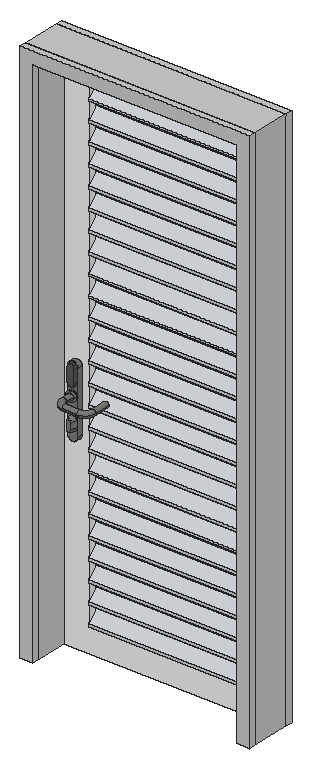
Revit family "RYN_DOR_Swing_1Panel_In.ALV_Fr.AL", category Doors, host Wall, Revit 2025
Family settings
  Host = Wall
  OmniClass Number = 23.30.10.00
  OmniClass Title = Doors
  Always vertical = Yes
  Cut with Voids When Loaded = No
  Shared = No
  Room Calculation Point = No
Parameters (values of type "W900 X H2150 mm")
  Visual Light Transmittance = 0
  Type Comments = "RYN_DOR_Swing_1Panel_In.ALV_Fr.AL"
  Thickness = 0.00 mm
  Thermal Resistance (R) = 0.270117 (m²·K)/W
  Solar Heat Gain Coefficient = 0
  RYN_Material_DoorLeaf = RYN_MAT_DoorPanel_Louver_Aluminium
  RYN_Material_DoorFrame = Door - Frame - ALUM
  RYN_Door_Width = 900.00 mm
  RYN_Door_TrimProjection.In = 25.00 mm
  RYN_Door_TrimProjection = 25.00 mm
  RYN_Door_PanelWidth = RYN_Door_Width - 2 * RYN_Door_FrameDepth  # 800.00 mm
  RYN_Door_PanelThickness = 25.00 mm
  RYN_Door_PanelHeight = RYN_Door_Height - RYN_Door_FrameDepth  # 2100.00 mm
  RYN_Door_Name = ""
  RYN_Door_Height = 2150.00 mm
  RYN_Door_HandleOffset = 50.00 mm
  RYN_Door_HandleHeight = 900.00 mm
  RYN_Door_FrameDepth = 50.00 mm
  RYN_Door_Area = Width * Height  # 1.935 m²
  LVR WIDTH = RYN_Door_Width - 2 * (LVR OFF + RYN_Door_FrameDepth)  # 600.00 mm
  LVR OFF = 100.00 mm
  LVR NOS = 25
  LVR HEIGHT = RYN_Door_Height - 2 * LVR OFF - RYN_Door_FrameDepth  # 1900.00 mm
  Description = "1 Panel Swing Door - Louver Panel - Aluminum Frame"
  Define Thermal Properties by = Schematic Type
  Construction Type Id = "MDOOR"
  Heat Transfer Coefficient (U) = 3.7021 W/(m²·K)
  Function = Interior
  Height = RYN_Door_Height  # 2150.00 mm
  Wall Closure = By host
  Width = RYN_Door_Width  # 900.00 mm
  Analytic Construction = "Metal"
Reference planes
  plane 1: y = 0
  plane 2: z = 0
  plane 3: x = 0
  plane 4: x = -400
  plane 5: x = 400
  plane 6: z = 2100
  plane 7: z = 2150
  plane 8 "WALL": y = 51.2
  plane 9: y = 26.2
  plane 10: y = 38.7
  plane 11: z = 900
  plane 12: x = -350
  plane 13: x = -450
  plane 14: x = 450
  plane 15: z = 100
  plane 16: z = 2000
  plane 17: x = -300
  plane 18: x = 300
Forms (mm)
  Extrusion 1, solid, material "RYN_MAT_DoorPanel_Louver_Aluminium" <- "RYN_Material_DoorLeaf"
    sketch origin (0, 0, 0) x (1, 0, 0) y (0, 0, 1)
      loop
        line (-400, 2100) -> (-400, 0) -> (400, 0) -> (400, 2100) -> (-400, 2100)
      loop
        line (-300, 100) -> (300, 100) -> (300, 2000) -> (-300, 2000) -> (-300, 100)
    from -51.2 to -26.2
  Extrusion 2, solid, material "Door - Frame - ALUM" <- "RYN_Material_DoorFrame"
    sketch origin (-1524, -101.2, 0) x (1, 0, 0) y (0, 0, 1)
      loop
        line (1074, 2150) -> (1074, 0) -> (1124, 0) -> (1124, 2100) -> (1924, 2100) -> (1924, 0) -> (1974, 0) -> (1974, 2150) -> (1074, 2150)
    from 0 to 25
  Extrusion 3, solid, material "Door - Frame - ALUM" <- "RYN_Material_DoorFrame"
    sketch origin (-1524, 51.2, 0) x (-1, 0, 0) y (0, 0, 1)
      loop
        line (-1974, 2150) -> (-1974, 0) -> (-1924, 0) -> (-1924, 2100) -> (-1124, 2100) -> (-1124, 0) -> (-1074, 0) -> (-1074, 2150) -> (-1974, 2150)
    from 0 to 25
  Sweep 4, solid, material "Door - Frame - ALUM" <- "RYN_Material_DoorFrame"
    path origin (0, 51.2, 0) x (-1, 0, 0) y (0, 0, 1)
      loop
        line (-450, 0) -> (-450, 2150) -> (450, 2150) -> (450, 0)
    profile origin (-450, 51.2, 1075) x (0, 1, 0) y (-1, 0, 0)
      loop
        line (-152.4, 0) -> (-152.4, -50) -> (0, -50) -> (0, 0) -> (-152.4, 0)
Lines and regions (mm)
  Opening 1
    outline origin (-1524, -101.2, 3657.6) x (0, 0, -1) y (1, 0, 0)
      loop
        line (1507.6, 1074) -> (3657.6, 1074) -> (3657.6, 1974) -> (1507.6, 1974) -> (1507.6, 1074)
  symbolic lines, style "DoorsPanelProjection"
    curve 1: line (400, 51.2, 0) -> (375, 51.2, 0)
    curve 2: line (400, 51.2, 0) -> (400, 850.809, 0)
    curve 3: line (400, 850.809, 0) -> (375, 850.809, 0)
    curve 4: line (375, 51.2, 0) -> (375, 850.809, 0)
  model lines, style "DoorsFrameMullionProjection"
    curve 5: line (-450, -101.2, 0) -> (-450, -101.2, 2150)
    curve 6: line (-450, -101.2, 2150) -> (450, -101.2, 2150)
    curve 7: line (450, -101.2, 2150) -> (450, -101.2, 0)
    curve 8: line (450, 51.2, 0) -> (450, 51.2, 2150)
    curve 9: line (-450, 51.2, 2150) -> (450, 51.2, 2150)
    curve 10: line (-450, 51.2, 2150) -> (-450, 51.2, 0)
  symbolic lines, style "Plan Swing"
    curve 11: arc (375, 850.809, 0) -> (-174.456, 607.976, 0) -> (-400, 51.2, 0) r 800
  model lines
    curve 12: line (-400, -101.2, 0) -> (-450, -101.2, 0)
    curve 13: line (-400, 51.2, 0) -> (-400, -101.2, 0)
    curve 14: line (-450, 51.2, 0) -> (-400, 51.2, 0)
    curve 15: line (-450, -101.2, 0) -> (-450, 51.2, 0)
    curve 16: line (400, -101.2, 0) -> (450, -101.2, 0)
    curve 17: line (400, 51.2, 0) -> (400, -101.2, 0)
    curve 18: line (450, 51.2, 0) -> (400, 51.2, 0)
    curve 19: line (450, -101.2, 0) -> (450, 51.2, 0)
  symbolic lines, style "Hidden 2"
    curve 20: line (-400, -126.2, 2100) -> (400, -126.2, 1050)
    curve 21: line (400, -126.2, 1050) -> (-400, -126.2, 0)
Dimensions and locks
  equal spacing: plane 4, plane 3, plane 5
  "RYN_Door_PanelWidth": plane 4 to plane 5
  locked: host wall to curve 1
  "RYN_Door_PanelHeight": plane 6 to plane 2
  "RYN_Door_FrameDepth": plane 4 to curve 5
  "RYN_Door_FrameDepth": plane 5 to curve 7
  "RYN_Door_FrameDepth": plane 6 to curve 6
  locked: curve 9 to host wall
  "RYN_Door_TrimProjection": Extrusion 3 to host wall
  "RYN_Door_TrimProjection.In": Extrusion 2 to host wall
  "RYN_Door_PanelThickness": curve 4 to plane 5
  equal spacing: plane 6, curve 21, level
  "RYN_Door_Height": plane 7 to level
  equal spacing: plane 8 "WALL", plane 10, plane 9
  "RYN_Door_PanelThickness": plane 8 "WALL" to plane 9
  "RYN_Door_HandleHeight": plane 11 to plane 2
  "RYN_Door_HandleOffset": plane 4 to plane 12
  equal spacing: plane 14, plane 3, plane 13
  "RYN_Door_Width": plane 14 to plane 13
  "LVR OFF": plane 18 to plane 5
  "LVR OFF": plane 4 to plane 17
  "LVR OFF": plane 6 to plane 16
  "LVR OFF": plane 15 to plane 2
  "RYN_Door_PanelWidth": radius of curve 11
  aligned and locked: host wall to Extrusion 1
  aligned and locked: plane 2 to curve 5
  aligned and locked: curve 7 to level
  aligned and locked: curve 8 to curve 7
  aligned and locked: curve 6 to Extrusion 2 sketch curve
  aligned and locked: Extrusion 2 sketch curve to curve 5
  aligned and locked: Extrusion 2 sketch curve to curve 7
  aligned and locked: Extrusion 2 to Extrusion 3 sketch curve
  aligned and locked: Extrusion 3 sketch curve to Extrusion 2  (x2)
  aligned and locked: plane 8 "WALL" to host wall
  aligned and locked: plane 9 to Extrusion 1
  aligned and locked: plane 10 to nested 1
  aligned and locked: nested 1 to plane 12
  aligned and locked: nested 1 to plane 11
  aligned and locked: plane 13 to Extrusion 2
  aligned and locked: Extrusion 2 to plane 14
  aligned and locked: plane 13 to Opening 1 sketch curve
  aligned and locked: plane 7 to Opening 1 sketch curve
  aligned and locked: plane 14 to Opening 1 sketch curve
  aligned and locked: curve 12 to host wall
  aligned and locked: curve 13 to Extrusion 2
  aligned and locked: curve 14 to Extrusion 3
  aligned and locked: curve 15 to host wall
  aligned and locked: host wall to curve 16
  aligned and locked: curve 17 to Extrusion 2
  aligned and locked: plane 8 "WALL" to curve 18
  aligned and locked: curve 19 to Extrusion 3
  aligned and locked: plane 13 to Sweep 4 sketch curve
  aligned and locked: plane 7 to Sweep 4 sketch curve
  aligned and locked: plane 14 to Sweep 4 sketch curve
  aligned and locked: level to Sweep 4 sketch curve  (x2)
  aligned and locked: Sweep 4 sketch curve to Extrusion 2
  aligned and locked: Sweep 4 sketch curve to curve 15
  aligned and locked: Sweep 4 sketch curve to Extrusion 1
  aligned and locked: Sweep 4 sketch curve to curve 13
  aligned and locked: Extrusion 1 sketch curve to plane 15
  aligned and locked: Extrusion 1 sketch curve to plane 17
  aligned and locked: plane 16 to Extrusion 1 sketch curve
  aligned and locked: plane 18 to Extrusion 1 sketch curve
  aligned and locked: plane 3 to nested 2
  aligned and locked: nested 2 to plane 15
  aligned and locked: nested 2 to plane 10
Automatic sketch dimensions
  Opening 1 sketch curve to level = 0.00 mm
  Extrusion 2 sketch curve to level = 0.00 mm  (x2)
  Extrusion 2 sketch curve to plane 4 = 0.00 mm
  Extrusion 2 sketch curve to plane 5 = 0.00 mm
  Extrusion 2 sketch curve to plane 6 = 0.00 mm
  Extrusion 3 sketch curve to level = 0.00 mm  (x2)
  Extrusion 3 sketch curve to plane 5 = 0.00 mm
  Extrusion 3 sketch curve to plane 4 = 0.00 mm
  Extrusion 3 sketch curve to plane 6 = 0.00 mm
  Extrusion 1 sketch curve to level = 0.00 mm
  plane 4 to Extrusion 1 sketch curve = 0.00 mm
  plane 5 to Extrusion 1 sketch curve = 0.00 mm
  Extrusion 1 sketch curve to plane 6 = 0.00 mm
  curve 21 to Extrusion 2 = 0.00 mm  (x2)
  curve 20 to Extrusion 2 = 0.00 mm  (x2)
  Extrusion 2 to curve 20 = 0.00 mm
  curve 21 to Extrusion 2 = 1050.00 mm
  curve 10 to plane 7 = 0.00 mm
  curve 8 to level = 0.00 mm
  curve 10 to level = 0.00 mm
  plane 13 to curve 10 = 0.00 mm
  curve 11 to host wall = 0.00 mm
  curve 11 to plane 4 = 0.00 mm
  curve 2 to plane 5 = 0.00 mm
Nested families
  nested 1: "NBS_SaltoSystems_Escutcheons_SALTO_XS4Original" at (-350, 38.7, 900) x (-1, 0, 0) z (0, 0, 1), type "Model 50"
    with WarrantyStartDate "1900-12-31T23:59:59", TagNumber "n/a", SerialNumber "n/a", InstallationDate "1900-12-31T23:59:59", BarCode "n/a", AssetIdentifier "n/a", LeafThickness 25.00 mm
  nested 2: "LOUVER SET" at (0, 38.7, 100), type "LOUVER SET"
    with LVR WIDTH 600.00 mm, LVR HEIGHT 1900.00 mm, LVR DIST 76.00 mm
Definition of nested family "NBS_SaltoSystems_Escutcheons_SALTO_XS4Original"
  Parameters (values of type "Model 50")
    WarrantyStartDate [instance] = "1900-12-31T23:59:59"
    WarrantyGuarantorParts = "n/a"
    WarrantyGuarantorLabor = "n/a"
    WarrantyDurationUnit = "year"
    WarrantyDurationParts = "n/a"
    WarrantyDurationLabor = "n/a"
    WarrantyDescription = "n/a"
    Version = "1"  # constant formula
    Uniclass2015Version = "Products v1.22"
    Uniclass2015Title = "Escutcheons"
    Uniclass2015Code = "Pr_30_36_33_27"
    Type IFC Predefined Type = "NOTDEFINED"
    TagNumber [instance] = "n/a"
    SustainabilityPerformance = "n/a"
    Spindles = "7 mm.,7.6 mm split.,8 mm.,8 mm split.,9 mm.,9 mm split"
    Size = "n/a"
    Shape = "n/a"
    SerialNumber [instance] = "n/a"
    Revision = "n/a"
    ReplacementCost = "n/a"
    RecycledContent = "n/a"
    Recyclability = "n/a"
    ReaderMaterial = none
    ReaderCoverColour = "Black.,White"
    RFIDCredentials = "SALTO JustIN Mobile Credentials1.,NXP MIFARE®2"
    ProductInformation = "n/a"
    NominalWidth = 0.00 mm
    NominalLength = 0.00 mm
    NominalHeight = 0.00 mm
    Name = "Escutcheons_SALTO_XS4Original+_Model_50_SaltoSystems"
    NBSCertification = "www.nationalbimlibrary.com/cert/x3pjky4i"
    ModelReference = "Model 50"
    ModelNumber = "n/a"
    MaterialAndFinish = "IM Satin stainless steel.,IP Bright stainless steel.,PP PVD bright brass type.,PM PVD satin brass type.,NE Black chromium.,DB Dark Bronze.,BC BioCote anti-microbial"
    Material = "n/a"
    ManufacturerURL = "www.saltosystems.co.uk"
    ManufacturerName = "Salto Systems"  # constant formula
    Manufacturer = "n/a"
    LeafThickness = 44.00 mm
    KeyholeType = "n/a"
    IntegralAccessories = "2 no. handles."
    InstallationDate [instance] = "1900-12-31T23:59:59"
    IfcExportType = "NOTDEFINED"  # constant formula
    IfcExportAs = "IfcDoorType"  # constant formula
    IPCode = "IP 53"
    HasOutsideOverride = yes
    HasOutsideCutout = yes
    HasInsideThumbturn = yes
    HasInsideCutout = yes
    HasInsideButton = yes
    HandleMaterial = none
    Handle = "U.,L.,W.,H.,S.,B.,P.,J.,T.,Y.,Z.,O.,N.,G.,K.,I.,2.,3.,4.,7.,5"
    Grade = "n/a"
    FireResistance = "To EN 1634-1, EI30, EI60"
    Finish = "n/a"
    Features = "n/a"
    Export Type to IFC As = "IfcDoorType"
    ExpectedLife = "n/a"
    Execution = "n/a"
    EmbodiedCarbon = "n/a"
    DurationUnit = "year"
    DoorThicknessOptions = "n/a"
    Description = "n/a"
    Default Elevation = 0.00 mm
    CountryOfProductManufacture = "n/a"
    CountryOfMaterialOrigin = "n/a"
    ContainsRedListMaterials = "n/a"
    Constituents = "n/a"
    Colour = "n/a"
    Color = "n/a"
    CodePerformance = "n/a"
    Category = "Pr_30_36_33_27:Escutcheons"
    ButtonMaterial = none
    BatteriesType = "LR03 AAA.,Lithium FR03"
    BarCode [instance] = "n/a"
    BIMObjectName = "NBS_SaltoSystems_Escutcheons_SALTO_XS4Original_Model50"
    Author = "NBS"  # constant formula
    AssetType = "Fixed"
    AssetIdentifier [instance] = "n/a"
    AccessibilityPerformance = "n/a"
  Reference planes
    plane 1 "Center (Front/Back)": y = 0
    plane 2: z = 0
    plane 3 "Center (Left/Right)": x = 0
    plane 4: z = 120.75
    plane 5 "Top": z = 120.75
    plane 6 "DoorInterior": y = 22
    plane 7 "DoorExterior": y = -22
    plane 8: y = 41.81
    plane 9: y = -41.81
    plane 10 "Back": y = 121.72
    plane 11 "Front": y = -129.223
    plane 12: x = 20
    plane 13: x = 20
    plane 14 "Bottom": z = -160.75
  Dimensions and locks
    "NominalHeight": plane 4 to plane 5 "Top"
    equal spacing: plane 6 "DoorInterior", plane 1 "Center (Front/Back)", plane 7 "DoorExterior"
    "LeafThickness": plane 6 "DoorInterior" to plane 7 "DoorExterior"
    locked: plane 8 to plane 6 "DoorInterior" at 19.81
    locked: plane 9 to plane 7 "DoorExterior" at 19.81
    locked: plane 10 "Back" to plane 6 "DoorInterior" at 99.72
    locked: plane 7 "DoorExterior" to plane 11 "Front" at 107.223
    plane 10 "Back" to plane 11 "Front" = 250.943 mm
    "NominalLength": plane 12 to plane 13
    locked: plane 4 to plane 2 at 120.75
    locked: plane 2 to plane 14 "Bottom" at 160.75
    aligned and locked: level to plane 2
    aligned and locked: plane 6 "DoorInterior" to nested 2
    aligned and locked: nested 1 to plane 7 "DoorExterior"
  Nested families
    nested 1: "NBS_SaltoSystems_Escutcheons_SALTO_XS4Original_NestedFront" at (0, -3.849, 0) x (-1, 0, 0) z (0, 0, 1), type "SALTO_XS4Original_NestedFront"
      with HasOutsideOverride yes, HasOutsideCutout yes, CalcCutoutOffset 5.00 mm
    nested 2: "NBS_SaltoSystems_Escutcheons_SALTO_XS4Original_NestedBack" at (0, -0.038, 0) x (-1, 0, 0) z (0, 0, 1), type "SALTO_XS4Original_NestedBack"
      with HasInsideThumbturn yes, HasInsideCutout yes, HasInsideButton yes, CalcCutoutOffset 5.00 mm
  Definition of nested family "NBS_SaltoSystems_Escutcheons_SALTO_XS4Original_NestedFront"
    Parameters (values of type "SALTO_XS4Original_NestedFront")
      ReaderMaterial = none
      HasOutsideOverride = no
      HasOutsideCutout = no
      HandleMaterial = none
      Default Elevation = 0.00 mm
      CalcCutoutOffset = if(HasOutsideCutout, 5.00 mm, 55.00 mm)  # 55.00 mm
    Reference planes
      plane 1 "Center (Front/Back)": y = 0
      plane 2: z = 0
      plane 3 "Center (Left/Right)": x = 0
      plane 4 "ref1": y = -38.151
      plane 5 "CylinderCL": z = -85
      plane 6: y = -63.151
      plane 7: y = -93.151
      plane 8: z = -102.9
      plane 9: y = -58.151
      plane 10: z = -109.9
      plane 11: y = -50.151
    Forms (mm)
      Extrusion 1, solid, material <- "HandleMaterial"
        sketch origin (0, 0, 0) x (1, 0, 0) y (0, 0, 1)
          loop
            line (-20, 100.75) -> (-20, -140.75)
            arc (-20, -140.75) -> (0, -160.75) -> (20, -140.75) r 20
            line (20, -140.75) -> (20, 100.75)
            arc (20, 100.75) -> (0, 120.75) -> (-20, 100.75) r 20
        from 18.151 to 38.151
      Extrusion 2, solid, material <- "ReaderMaterial", detail levels medium
        sketch origin (0, -38.151, 0) x (1, 0, 0) y (0, 0, 1)
          loop
            arc (-16, 47.764) -> (0, 31.764) -> (16, 47.764) r 16
            line (16, 47.764) -> (16, 100.75)
            arc (16, 100.75) -> (0, 116.75) -> (-16, 100.75) r 16
            line (-16, 100.75) -> (-16, 47.764)
        from 0 to 12
      Sweep 3, solid, material <- "HandleMaterial"
        path in 3D
          loop
            line (0, -38.151, 0) -> (0, -84.973, 0)
            arc (0, -84.973, 0) -> (8.602, -105.741, 0) -> (29.37, -114.343, 0) r 29.37
            line (29.37, -114.343, 0) -> (86.02, -114.343, 0)
            arc (86.02, -114.343, 0) -> (106.689, -105.782, 0) -> (115.25, -85.113, 0) r 29.23
            line (115.25, -85.113, 0) -> (115.25, -71.841, 0)
        profile origin (0, -61.562, 0) x (1, 0, 0) y (0, 0, 1)
          loop
            circle (0, 0) r 11
      Blend 4, solid, material <- "ReaderMaterial", detail levels fine
        base sketch origin (0, -38.151, 0) x (1, 0, 0) y (0, 0, 1)
          loop
            line (-16, 100.75) -> (-16, 47.764)
            arc (-16, 47.764) -> (0, 31.764) -> (16, 47.764) r 16
            line (16, 47.764) -> (16, 100.75)
            arc (16, 100.75) -> (0, 116.75) -> (-16, 100.75) r 16
        top sketch origin (0, -38.151, 0) x (1, 0, 0) y (0, 0, 1)
          loop
            arc (14, 100.75) -> (0, 114.75) -> (-14, 100.75) r 14
            line (-14, 100.75) -> (-14, 47.764)
            arc (-14, 47.764) -> (0, 33.764) -> (14, 47.764) r 14
            line (14, 47.764) -> (14, 100.75)
        from 0 to 12
      Extrusion 5, void
        sketch origin (0, 0, 0) x (0, 1, 0) y (0, 0, 1)
          loop
            line (-38.151, 121.75) -> (-74.145, 121.75) -> (-74.145, 26.764) -> (-38.151, 26.764) -> (-38.151, 28.764) -> (-46.651, 28.764)
            arc (-46.651, 28.764) -> (-50.151, 74.257) -> (-46.651, 119.75) r 297.409
            line (-46.651, 119.75) -> (-38.151, 119.75) -> (-38.151, 121.75)
        from -20 to 20
      Extrusion 6, void
        sketch origin (0, 0, 0) x (1, 0, 0) y (0, 0, 1)
          loop
            arc (5, -91.874) -> (0, -76.5) -> (-5, -91.874) r 8.5
            line (-5, -91.874) -> (-5, -102.9)
            arc (-5, -102.9) -> (0, -107.9) -> (5, -102.9) r 5
            line (5, -102.9) -> (5, -91.874)
        from 63.151 to 93.151
      Extrusion 7, solid, material <- "HandleMaterial", visible <- "HasOutsideOverride", detail levels medium
        sketch origin (0, -38.151, 0) x (1, 0, 0) y (0, 0, 1)
          loop
            arc (14, -85) -> (0, -71) -> (-14, -85) r 14
            line (-14, -85) -> (-14, -109.9)
            arc (-14, -109.9) -> (0, -123.9) -> (14, -109.9) r 14
            line (14, -109.9) -> (14, -85)
        from 0 to 20
      Blend 8, solid, material <- "HandleMaterial", visible <- "HasOutsideOverride", detail levels fine
        base sketch origin (0, -38.151, 0) x (1, 0, 0) y (0, 0, 1)
          loop
            arc (14, -85) -> (0, -71) -> (-14, -85) r 14
            line (-14, -85) -> (-14, -109.9)
            arc (-14, -109.9) -> (0, -123.9) -> (14, -109.9) r 14
            line (14, -109.9) -> (14, -85)
        top sketch origin (0, -38.151, 0) x (1, 0, 0) y (0, 0, 1)
          loop
            arc (9.5, -85) -> (0, -75.5) -> (-9.5, -85) r 9.5
            line (-9.5, -85) -> (-9.5, -109.9)
            arc (-9.5, -109.9) -> (0, -119.4) -> (9.5, -109.9) r 9.5
            line (9.5, -109.9) -> (9.5, -85)
        from 0 to 20
      Revolve 9, solid, material <- "HandleMaterial", detail levels fine
        sketch origin (0, 0, 0) x (0, 1, 0) y (0, 0, 1)
          loop
            line (-38.151, 19) -> (-46.151, 19)
            arc (-46.151, 19) -> (-48.98, 17.828) -> (-50.151, 15) r 4
            line (-50.151, 15) -> (-50.151, 11) -> (-38.151, 11) -> (-38.151, 19)
          axis (-38.151, 0) -> (-50.151, 0)
        angle from 0 to 360
    Cuts and joins
      Extrusion 5 cuts Blend 4
      Extrusion 6 cuts Extrusion 1
    Lines and regions (mm)
      reference lines
        curve 1: line (0, -38.151, 0) -> (0, -84.973, 0)
        curve 2: line (29.37, -114.343, 0) -> (86.02, -114.343, 0)
        curve 3: line (115.25, -71.841, 0) -> (115.25, -85.113, 0)
        curve 4: arc (0, -84.973, 0) -> (8.602, -105.741, 0) -> (29.37, -114.343, 0) r 29.37
        curve 5: arc (86.02, -114.343, 0) -> (106.689, -105.782, 0) -> (115.25, -85.113, 0) r 29.23
      sketch lines
        curve 6: line (0, -38.151, 0) -> (0, -84.973, 0)
        curve 7: arc (0, -84.973, 0) -> (8.602, -105.741, 0) -> (29.37, -114.343, 0) r 29.37
        curve 8: line (29.37, -114.343, 0) -> (86.02, -114.343, 0)
        curve 9: arc (86.02, -114.343, 0) -> (106.689, -105.782, 0) -> (115.25, -85.113, 0) r 29.23
        curve 10: line (115.25, -71.841, 0) -> (115.25, -85.113, 0)
      model lines, detail levels coarse
        curve 11: line (-16, -38.151, 100.75) -> (-16, -38.151, 47.764)
        curve 12: arc (16, -38.151, 100.75) -> (0, -38.151, 116.75) -> (-16, -38.151, 100.75) r 16
        curve 13: line (16, -38.151, 47.764) -> (16, -38.151, 100.75)
        curve 14: arc (-16, -38.151, 47.764) -> (0, -38.151, 31.764) -> (16, -38.151, 47.764) r 16
      model lines, visible <- "HasOutsideOverride", detail levels coarse
        curve 15: arc (14, -38.151, -85) -> (0, -38.151, -71) -> (-14, -38.151, -85) r 14
        curve 16: arc (-14, -38.151, -109.9) -> (0, -38.151, -123.9) -> (14, -38.151, -109.9) r 14
        curve 17: line (-14, -38.151, -109.9) -> (-14, -38.151, -85)
        curve 18: line (14, -38.151, -85) -> (14, -38.151, -109.9)
    Dimensions and locks
      locked: level to plane 5 "CylinderCL" at 85
      "CalcCutoutOffset": plane 4 "ref1" to plane 7
      locked: plane 6 to plane 7 at 30
      locked: plane 5 "CylinderCL" to plane 8 at 17.9
      locked: plane 4 "ref1" to plane 1 "Center (Front/Back)" at 38.151
      locked: curve 1 to curve 1 at 46.822
      locked: curve 2 to plane 4 "ref1" at 76.192
      locked: curve 4 to plane 4 "ref1" at 46.822
      locked: curve 5 to plane 4 "ref1" at 46.961
      locked: plane 4 "ref1" to plane 9 at 20
      locked: plane 8 to plane 10 at 7
      locked: plane 4 "ref1" to Extrusion 5 sketch curve at 8.5  (x2)
      locked: plane 4 "ref1" to Extrusion 5 sketch curve at 35.993
      locked: Extrusion 5 sketch curve to plane 4 "ref1" at 285.409
      locked: plane 4 "ref1" to plane 11 at 12
      locked: Revolve 9 sketch curve to plane 2 at 11
      locked: Revolve 9 sketch curve to plane 2 at 15
      radius of Revolve 9 sketch curve = 4.00 mm
      aligned and locked: level to plane 2
      aligned and locked: Extrusion 6 to plane 6
      aligned and locked: Extrusion 6 to plane 7
      aligned and locked: plane 4 "ref1" to Extrusion 1
      aligned and locked: cut or joined group of Blend 4, Extrusion 5 to plane 4 "ref1"
      aligned and locked: Extrusion 2 to plane 4 "ref1"
      aligned and locked: plane 4 "ref1" to Sweep 3
      aligned and locked: plane 4 "ref1" to curve 1
      aligned and locked: plane 9 to Extrusion 7
      aligned and locked: plane 9 to Blend 8
      aligned and locked: Extrusion 5 sketch curve to plane 4 "ref1"  (x2)
      aligned and locked: plane 4 "ref1" to Revolve 9 sketch curve
      aligned and locked: plane 11 to Revolve 9 sketch curve
      aligned and locked: Revolve 9 sketch curve to plane 2
    Automatic sketch dimensions
      Extrusion 1 sketch curve to plane 3 "Center (Left/Right)" = 0.00 mm
      Extrusion 1 sketch curve to plane 3 "Center (Left/Right)" = 20.00 mm
      Extrusion 1 sketch curve to plane 5 "CylinderCL" = 55.75 mm
      level to Extrusion 1 sketch curve = 100.75 mm
      Extrusion 2 sketch curve to plane 3 "Center (Left/Right)" = 0.00 mm
      Extrusion 2 sketch curve to plane 3 "Center (Left/Right)" = 16.00 mm
      level to Extrusion 2 sketch curve = 47.764 mm
      Extrusion 2 sketch curve to Extrusion 2 sketch curve = 52.986 mm
      curve 1 to plane 3 "Center (Left/Right)" = 0.00 mm
      curve 4 to curve 5 = 56.651 mm
      plane 6 to curve 3 = 8.69 mm
      profile plane to Sweep 3 sketch curve = 0.00 mm
      Sweep 3 sketch curve to profile plane = 0.00 mm
      Blend 4 sketch curve to plane 3 "Center (Left/Right)" = 0.00 mm  (x2)
      Blend 4 sketch curve to plane 3 "Center (Left/Right)" = 16.00 mm
      level to Blend 4 sketch curve = 47.764 mm  (x2)
      Blend 4 sketch curve to Blend 4 sketch curve = 52.986 mm  (x2)
      Blend 4 sketch curve to plane 3 "Center (Left/Right)" = 14.00 mm
      level to Extrusion 5 sketch curve = 74.257 mm
      level to Extrusion 5 sketch curve = 28.764 mm
      Extrusion 5 sketch curve to Extrusion 5 sketch curve = 2.00 mm  (x2)
      Extrusion 6 sketch curve to plane 3 "Center (Left/Right)" = 0.00 mm  (x2)
      Extrusion 6 sketch curve to plane 8 = 0.00 mm
      Extrusion 6 sketch curve to plane 5 "CylinderCL" = 0.00 mm
      Extrusion 6 sketch curve to plane 3 "Center (Left/Right)" = 5.00 mm
      Extrusion 6 sketch curve to plane 5 "CylinderCL" = 6.874 mm
      Extrusion 6 sketch curve to Extrusion 6 sketch curve = 0.00 mm
      Extrusion 7 sketch curve to plane 10 = 0.00 mm  (x2)
      Extrusion 7 sketch curve to plane 3 "Center (Left/Right)" = 0.00 mm
      Extrusion 7 sketch curve to plane 5 "CylinderCL" = 0.00 mm
      Extrusion 7 sketch curve to Extrusion 7 sketch curve = 14.00 mm
      curve 14 to plane 3 "Center (Left/Right)" = 0.00 mm
      curve 15 to plane 3 "Center (Left/Right)" = 0.00 mm
      curve 18 to plane 10 = 0.00 mm
      curve 18 to plane 5 "CylinderCL" = 0.00 mm
      curve 16 to plane 10 = 0.00 mm
      curve 15 to plane 5 "CylinderCL" = 0.00 mm
      curve 11 to plane 3 "Center (Left/Right)" = 16.00 mm
      level to curve 14 = 47.764 mm
      curve 14 to curve 12 = 52.986 mm
      curve 17 to curve 16 = 14.00 mm
      Blend 8 sketch curve to plane 5 "CylinderCL" = 0.00 mm  (x2)
      Blend 8 sketch curve to plane 10 = 0.00 mm  (x2)
      Blend 8 sketch curve to plane 3 "Center (Left/Right)" = 0.00 mm  (x2)
      Blend 8 sketch curve to Blend 8 sketch curve = 14.00 mm
      plane 3 "Center (Left/Right)" to Blend 8 sketch curve = 9.50 mm
      plane 7 to Revolve 9 sketch curve = 2414.617 mm
      Revolve 9 sketch curve to plane 1 "Center (Front/Back)" = 1632.544 mm
      radius of Sweep 3 sketch curve = 11.00 mm
  Definition of nested family "NBS_SaltoSystems_Escutcheons_SALTO_XS4Original_NestedBack"
    Parameters (values of type "SALTO_XS4Original_NestedBack")
      HasInsideThumbturn = no
      HasInsideCutout = no
      HasInsideButton = no
      HandleMaterial = none
      Default Elevation = 0.00 mm
      CalcCutoutOffset = if(HasInsideCutout, 5.00 mm, 55.00 mm)  # 55.00 mm
      ButtonMaterial = none
    Reference planes
      plane 1 "Center (Front/Back)": y = 0
      plane 2: z = 0
      plane 3 "Center (Left/Right)": x = 0
      plane 4 "ref1": y = -38.151
      plane 5: y = 22.038
      plane 6 "Ref2": y = 41.849
      plane 7: z = -85
      plane 8: z = -103
      plane 9: y = 53.849
      plane 10: y = 72.365
      plane 11: y = 96.849
      plane 12: y = 66.849
      plane 13: z = -41
      plane 14: y = 49.849
    Forms (mm)
      Extrusion 1, solid, material <- "HandleMaterial"
        sketch origin (0, 0, 0) x (1, 0, 0) y (0, 0, 1)
          loop
            line (-20, 100.75) -> (-20, -140.75)
            arc (-20, -140.75) -> (0, -160.75) -> (20, -140.75) r 20
            line (20, -140.75) -> (20, 100.75)
            arc (20, 100.75) -> (0, 120.75) -> (-20, 100.75) r 20
        from -41.849 to -22.038
      Extrusion 2, solid, material <- "HandleMaterial", visible <- "HasInsideThumbturn", detail levels medium
        sketch origin (0, 0, 0) x (1, 0, 0) y (0, 0, 1)
          loop
            circle (0, -85) r 12
        from -41.849 to -72.365
      Sweep 3, solid, material <- "HandleMaterial"
        path in 3D
          loop
            line (0, 41.849, 0) -> (0, 81.349, 0)
            arc (0, 81.349, 0) -> (8.602, 102.116, 0) -> (29.37, 110.718, 0) r 29.37
            line (29.37, 110.718, 0) -> (86.02, 110.718, 0)
            arc (86.02, 110.718, 0) -> (106.689, 102.157, 0) -> (115.25, 81.488, 0) r 29.23
            line (115.25, 81.488, 0) -> (115.25, 68.681, 0)
        profile origin (8.602, 102.116, 0) x (-0.707107, 0.707107, 0) y (0, 0, 1)
          loop
            circle (0, 0) r 11
      Extrusion 4, void
        sketch origin (0, 0, 0) x (1, 0, 0) y (0, 0, 1)
          loop
            arc (5, -91.874) -> (0, -76.5) -> (-5, -91.874) r 8.5
            line (-5, -91.874) -> (-5, -103)
            arc (-5, -103) -> (0, -108) -> (5, -103) r 5
            line (5, -103) -> (5, -91.874)
        from -96.849 to -66.849
      Extrusion 5, solid, material <- "HandleMaterial", visible <- "HasInsideThumbturn", detail levels fine
        sketch origin (0, 41.849, 0) x (1, 0, 0) y (0, 0, 1)
          loop
            circle (0, -85) r 12
        from 0 to -30.517
      Revolve 6, solid, material <- "HandleMaterial", detail levels fine
        sketch origin (0, 0, 0) x (0, 1, 0) y (0, 0, 1)
          loop
            line (41.849, 19) -> (41.849, 11) -> (53.849, 11) -> (53.849, 15)
            arc (53.849, 15) -> (52.677, 17.828) -> (49.849, 19) r 4
            line (49.849, 19) -> (41.849, 19)
          axis (53.849, 0) -> (41.849, 0)
        angle from 0 to 360
      Extrusion 7, void
        sketch origin (0, 0, 0) x (1, 0, 0) y (0, 1, 0)
          loop
            line (-4, 59.849) -> (-4, 81.849) -> (-20, 81.849) -> (-20, 51.849) -> (-12, 51.849)
            arc (-12, 51.849) -> (-6.343, 54.192) -> (-4, 59.849) r 8
          loop
            line (4, 81.849) -> (4, 59.849)
            arc (4, 59.849) -> (6.343, 54.192) -> (12, 51.849) r 8
            line (12, 51.849) -> (20, 51.849) -> (20, 81.849) -> (4, 81.849)
        from -103 to 0
      Extrusion 8, solid, material <- "HandleMaterial", visible <- "HasInsideButton", detail levels medium
        sketch origin (0, 41.849, 0) x (1, 0, 0) y (0, 0, 1)
          loop
            circle (0, -41) r 10
        from 0 to -12
      Extrusion 9, solid, material <- "HandleMaterial", visible <- "HasInsideButton", detail levels fine
        sketch origin (0, 41.849, 0) x (1, 0, 0) y (0, 0, 1)
          loop
            circle (0, -41) r 10
        from 0 to -8
      Extrusion 10, solid, material <- "ButtonMaterial", visible <- "HasInsideButton", detail levels fine
        sketch origin (0, 41.849, 0) x (1, 0, 0) y (0, 0, 1)
          loop
            circle (0, -41) r 10
        from -8 to -12
    Cuts and joins
      Extrusion 4 cuts Extrusion 1
      Extrusion 7 cuts Extrusion 5
    Lines and regions (mm)
      reference lines
        curve 1: line (0, 41.849, 0) -> (0, 81.349, 0)
        curve 2: line (29.37, 110.718, 0) -> (86.02, 110.718, 0)
        curve 3: line (115.25, 68.681, 0) -> (115.25, 81.488, 0)
        curve 4: arc (0, 81.349, 0) -> (8.602, 102.116, 0) -> (29.37, 110.718, 0) r 29.37
        curve 5: arc (86.02, 110.718, 0) -> (106.689, 102.157, 0) -> (115.25, 81.488, 0) r 29.23
      sketch lines
        curve 6: arc (0, 81.349, 0) -> (8.602, 102.116, 0) -> (29.37, 110.718, 0) r 29.37
        curve 7: line (0, 41.849, 0) -> (0, 81.349, 0)
        curve 8: line (29.37, 110.718, 0) -> (86.02, 110.718, 0)
        curve 9: arc (86.02, 110.718, 0) -> (106.689, 102.157, 0) -> (115.25, 81.488, 0) r 29.23
        curve 10: line (115.25, 68.681, 0) -> (115.25, 81.488, 0)
      model lines, visible <- "HasInsideThumbturn", detail levels coarse
        curve 11: circle (0, 41.849, -85) r 12 normal (0, -1, 0)
      model lines, visible <- "HasInsideButton", detail levels coarse
        curve 12: circle (0, 41.849, -41) r 10 normal (0, -1, 0)
    Dimensions and locks
      locked: plane 5 to curve 2 at 88.68
      locked: plane 1 "Center (Front/Back)" to plane 5 at 22.038
      locked: plane 5 to plane 6 "Ref2" at 19.81
      locked: plane 5 to curve 5 at 59.45
      locked: plane 5 to curve 4 at 59.31
      locked: plane 5 to curve 3 at 46.643
      locked: plane 2 to plane 7 at 85
      locked: plane 7 to plane 8 at 18
      locked: plane 9 to plane 6 "Ref2" at 12
      locked: plane 10 to plane 6 "Ref2" at 30.517
      "CalcCutoutOffset": plane 11 to plane 6 "Ref2"
      locked: plane 11 to plane 12 at 30
      locked: Revolve 6 sketch curve to plane 2 at 11
      locked: Revolve 6 sketch curve to plane 2 at 19
      locked: Revolve 6 sketch curve to plane 2 at 15
      locked: plane 6 "Ref2" to Extrusion 7 sketch curve at 10  (x2)
      locked: plane 6 "Ref2" to Extrusion 7 sketch curve at 40  (x2)
      locked: Extrusion 7 sketch curve to plane 3 "Center (Left/Right)" at 12
      locked: plane 3 "Center (Left/Right)" to Extrusion 7 sketch curve at 12
      locked: plane 3 "Center (Left/Right)" to Extrusion 7 sketch curve at 20
      locked: Extrusion 7 sketch curve to plane 3 "Center (Left/Right)" at 20
      locked: plane 2 to plane 13 at 41
      locked: plane 9 to plane 14 at 4
      radius of Revolve 6 sketch curve = 4.00 mm
      radius of Extrusion 7 sketch curve = 8.00 mm  (x2)
      aligned and locked: level to plane 2
      aligned and locked: plane 6 "Ref2" to curve 1
      aligned and locked: Extrusion 1 to plane 6 "Ref2"
      aligned and locked: plane 5 to Extrusion 1
      aligned and locked: plane 7 to Extrusion 2 sketch curve
      aligned and locked: plane 10 to Extrusion 2
      aligned and locked: Extrusion 4 to plane 11
      aligned and locked: plane 12 to Extrusion 4
      aligned and locked: Extrusion 5 to Extrusion 2
      aligned and locked: plane 6 "Ref2" to Revolve 6 sketch curve
      aligned and locked: plane 9 to Revolve 6 sketch curve
      aligned and locked: plane 2 to Revolve 6 sketch curve
      aligned and locked: Extrusion 8 to plane 9
      aligned and locked: Extrusion 9 to plane 14
      aligned and locked: Extrusion 10 to plane 14
      aligned and locked: Extrusion 10 to plane 9
    Automatic sketch dimensions
      Extrusion 1 sketch curve to plane 3 "Center (Left/Right)" = 0.00 mm
      Extrusion 1 sketch curve to plane 3 "Center (Left/Right)" = 20.00 mm
      Extrusion 1 sketch curve to plane 8 = 37.75 mm
      level to Extrusion 1 sketch curve = 100.75 mm
      Extrusion 2 sketch curve to plane 3 "Center (Left/Right)" = 0.00 mm
      curve 1 to plane 3 "Center (Left/Right)" = 0.00 mm
      curve 4 to curve 5 = 56.651 mm
      Sweep 3 sketch curve to profile plane = 0.00 mm
      profile plane to Sweep 3 sketch curve = 0.00 mm
      Extrusion 4 sketch curve to plane 3 "Center (Left/Right)" = 0.00 mm  (x2)
      Extrusion 4 sketch curve to plane 8 = 0.00 mm
      Extrusion 4 sketch curve to plane 7 = 0.00 mm
      Extrusion 4 sketch curve to plane 3 "Center (Left/Right)" = 5.00 mm
      Extrusion 4 sketch curve to plane 7 = 6.874 mm
      Extrusion 4 sketch curve to Extrusion 4 sketch curve = 0.00 mm
      Extrusion 5 sketch curve to plane 3 "Center (Left/Right)" = 0.00 mm
      Extrusion 5 sketch curve to plane 7 = 0.00 mm
      plane 4 "ref1" to Revolve 6 sketch curve = 2469.617 mm
      Revolve 6 sketch curve to plane 11 = 1535.695 mm
      Extrusion 8 sketch curve to plane 3 "Center (Left/Right)" = 0.00 mm
      Extrusion 8 sketch curve to plane 13 = 0.00 mm
      Extrusion 9 sketch curve to plane 3 "Center (Left/Right)" = 0.00 mm
      Extrusion 9 sketch curve to plane 13 = 0.00 mm
      Extrusion 10 sketch curve to plane 3 "Center (Left/Right)" = 0.00 mm
      Extrusion 10 sketch curve to plane 13 = 0.00 mm
      curve 12 to plane 3 "Center (Left/Right)" = 0.00 mm
      curve 11 to plane 3 "Center (Left/Right)" = 0.00 mm
      curve 11 to plane 7 = 0.00 mm
      curve 12 to plane 13 = 0.00 mm
      radius of Extrusion 2 sketch curve = 12.00 mm
      radius of Sweep 3 sketch curve = 11.00 mm
      radius of Extrusion 5 sketch curve = 12.00 mm
      radius of Extrusion 8 sketch curve = 10.00 mm
      radius of Extrusion 9 sketch curve = 10.00 mm
      radius of Extrusion 10 sketch curve = 10.00 mm
      radius of curve 11 = 12.00 mm
      radius of curve 12 = 10.00 mm
Definition of nested family "LOUVER SET"
  Parameters (values of type "LOUVER SET")
    Louvers = Louver : Louver
    LVR NOS = 25
    Louver = none
    LVR WIDTH = 1000.00 mm
    LVR HEIGHT = 2000.00 mm
    LVR DIST = LVR HEIGHT / LVR NOS  # 80.00 mm
    Default Elevation = 0.00 mm
  Reference planes
    plane 1 "Center (Front/Back)": y = 0
    plane 2: z = 0
    plane 3 "Center (Left/Right)": x = 0
    plane 4: x = 500
    plane 5: z = 2000
    plane 6: x = -500
    plane 7: z = 80
  Dimensions and locks
    "LVR WIDTH": plane 4 to plane 6
    equal spacing: plane 4, plane 3 "Center (Left/Right)", plane 6
    "LVR HEIGHT": plane 5 to plane 2
    "LVR DIST": plane 7 to plane 2
    equal spacing: group 1, group 4, group 5, group 6, group 7, group 8, group 9, group 10, group 11, group 12, group 13, group 14, group 15, group 16, group 17, group 18, group 19, group 20, group 21, group 22, group 23, group 24, group 25, group 26, group 3  (x3)
    aligned and locked: level to plane 2
    aligned and locked: plane 3 "Center (Left/Right)" to nested 1
    aligned and locked: plane 1 "Center (Front/Back)" to nested 1
    aligned and locked: plane 5 to nested 3
    aligned and locked: nested 1 to plane 2
  Nested families
    nested 1: "LOUVER GEN MOD" at (0, 0, 28.75), type "LOUVER GEN MOD"
      with LENGTH 1000.00 mm
    nested 2: "LOUVER GEN MOD" at (999.017, 28.75, 1534.445), type "LOUVER GEN MOD", not visible
      with LENGTH 1000.00 mm
    nested 3: "LOUVER GEN MOD" at (0, 0, 1972.286), type "LOUVER GEN MOD"
      with LENGTH 1000.00 mm
    nested 4: "LOUVER GEN MOD" at (0, 0, 109.731), type "LOUVER GEN MOD"
      with LENGTH 1000.00 mm
    nested 5: "LOUVER GEN MOD" at (0, 0, 190.711), type "LOUVER GEN MOD"
      with LENGTH 1000.00 mm
    nested 6: "LOUVER GEN MOD" at (0, 0, 271.692), type "LOUVER GEN MOD"
      with LENGTH 1000.00 mm
    nested 7: "LOUVER GEN MOD" at (0, 0, 352.673), type "LOUVER GEN MOD"
      with LENGTH 1000.00 mm
    nested 8: "LOUVER GEN MOD" at (0, 0, 433.653), type "LOUVER GEN MOD"
      with LENGTH 1000.00 mm
    nested 9: "LOUVER GEN MOD" at (0, 0, 514.634), type "LOUVER GEN MOD"
      with LENGTH 1000.00 mm
    nested 10: "LOUVER GEN MOD" at (0, 0, 595.615), type "LOUVER GEN MOD"
      with LENGTH 1000.00 mm
    nested 11: "LOUVER GEN MOD" at (0, 0, 676.595), type "LOUVER GEN MOD"
      with LENGTH 1000.00 mm
    nested 12: "LOUVER GEN MOD" at (0, 0, 757.576), type "LOUVER GEN MOD"
      with LENGTH 1000.00 mm
    nested 13: "LOUVER GEN MOD" at (0, 0, 838.556), type "LOUVER GEN MOD"
      with LENGTH 1000.00 mm
    nested 14: "LOUVER GEN MOD" at (0, 0, 919.537), type "LOUVER GEN MOD"
      with LENGTH 1000.00 mm
    nested 15: "LOUVER GEN MOD" at (0, 0, 1000.518), type "LOUVER GEN MOD"
      with LENGTH 1000.00 mm
    nested 16: "LOUVER GEN MOD" at (0, 0, 1081.498), type "LOUVER GEN MOD"
      with LENGTH 1000.00 mm
    nested 17: "LOUVER GEN MOD" at (0, 0, 1162.479), type "LOUVER GEN MOD"
      with LENGTH 1000.00 mm
    nested 18: "LOUVER GEN MOD" at (0, 0, 1243.46), type "LOUVER GEN MOD"
      with LENGTH 1000.00 mm
    nested 19: "LOUVER GEN MOD" at (0, 0, 1324.44), type "LOUVER GEN MOD"
      with LENGTH 1000.00 mm
    nested 20: "LOUVER GEN MOD" at (0, 0, 1405.421), type "LOUVER GEN MOD"
      with LENGTH 1000.00 mm
    nested 21: "LOUVER GEN MOD" at (0, 0, 1486.402), type "LOUVER GEN MOD"
      with LENGTH 1000.00 mm
    nested 22: "LOUVER GEN MOD" at (0, 0, 1567.382), type "LOUVER GEN MOD"
      with LENGTH 1000.00 mm
    nested 23: "LOUVER GEN MOD" at (0, 0, 1648.363), type "LOUVER GEN MOD"
      with LENGTH 1000.00 mm
    nested 24: "LOUVER GEN MOD" at (0, 0, 1729.344), type "LOUVER GEN MOD"
      with LENGTH 1000.00 mm
    nested 25: "LOUVER GEN MOD" at (0, 0, 1810.324), type "LOUVER GEN MOD"
      with LENGTH 1000.00 mm
    nested 26: "LOUVER GEN MOD" at (0, 0, 1891.305), type "LOUVER GEN MOD"
      with LENGTH 1000.00 mm
  Definition of nested family "LOUVER GEN MOD"
    Parameters (values of type "LOUVER GEN MOD")
      LVR MATERIAL = none
      LENGTH = 750.00 mm
      Default Elevation = 0.00 mm
    Reference planes
      plane 1 "Center (Front/Back)": y = 0
      plane 2: z = 0
      plane 3 "Center (Left/Right)": x = 0
    Forms (mm)
      Extrusion 1, solid, material <- "LVR MATERIAL"
        sketch origin (0, -3.632, -132.296) x (0, 1, 0) y (0, 0, 1)
          loop
            line (-15.118, 103.546) -> (-12.618, 103.546) -> (-12.618, 112.511) -> (24.882, 150.011) -> (24.882, 160.011) -> (22.382, 160.011) -> (22.382, 151.046) -> (-15.118, 113.546) -> (-15.118, 103.546)
        from -375 to 375
    Dimensions and locks
      "LENGTH": Extrusion 1 to Extrusion 1
      equal spacing: Extrusion 1, plane 3 "Center (Left/Right)", Extrusion 1
      aligned and locked: level to plane 2
    Automatic sketch dimensions
      plane 1 "Center (Front/Back)" to Extrusion 1 sketch curve = 18.75 mm
      Extrusion 1 sketch curve to Extrusion 1 sketch curve = 2.50 mm  (x2)
      Extrusion 1 sketch curve to plane 1 "Center (Front/Back)" = 18.75 mm
      Extrusion 1 sketch curve to level = 28.75 mm
      Extrusion 1 sketch curve to Extrusion 1 sketch curve = 8.964 mm  (x2)
      Extrusion 1 sketch curve to Extrusion 1 sketch curve = 1.036 mm  (x2)
      level to Extrusion 1 sketch curve = 17.714 mm
